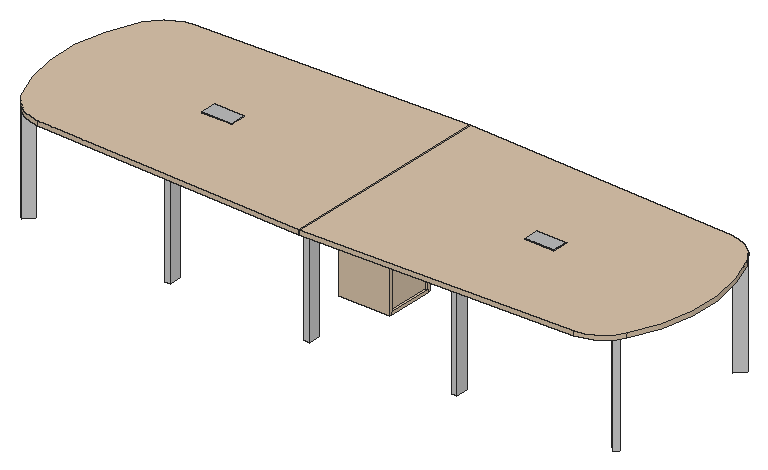
Revit family "Haworth_Planes_ConferenceTable_PebbleTwoPiece", category Furniture Systems, Revit 2018
Family settings
  Round Connector Dimension = Use Diameter
  Part Type = Normal
  OmniClass Number = 23.40.70.14.64.21
  OmniClass Title = Systems Furniture
  Work Plane-Based = No
  Always vertical = Yes
  Cut with Voids When Loaded = No
  Shared = No
  Room Calculation Point = No
Parameters (values of type "180w 60d")
  Worksurface Finish [instance] = Haworth _ Laminate _ Maple H-AE
  Worksurface Edge Finish [instance] = Haworth _ Laminate _ Maple H-AE
  Width = 180"
  Warranty = "http://www.haworth.com/resources/product-info/warranties"
  URL - Product = "http://www.haworth.com/products/tables/conference/planes"
  Sustainability Info = "http://media.haworth.com/asset/5175/Planes%20tables%20PEDS.pdf"
  Support Location_Middle = Actual Width / 4 - 5"  # 40"
  Support Location_Front_Back = 6 11/16"  # constant formula
  Opening Single Wide = no
  Opening Single = not(or(Opening Single Wide, Opening Double, Opening Double Wide))  # yes
  Opening Left/Right = not(Opening Center)  # no
  Opening Double Wide = no
  Opening Double = no
  Opening Center = yes
  No Cable Base = not(Cable Base)  # no
  Model = "TARP"  # constant formula
  Min. Depth = 42"  # constant formula
  Middle Leg_Interior = Actual Width > 144"  # yes
  Max. Depth = 60"  # constant formula
  URL = "www.haworth.com"
  Support Height = Actual Height - Table Thickness  # 27 13/16"
  Size = "Verify Final Dim. w/ Haworth"  # constant formula
  Revision Number = "3"  # constant formula
  Min/Max Width = "126-180 @ 6 in. increments"  # constant formula
  Standard Height = "29 in."  # constant formula
  Min. Width = 126"  # constant formula
  Max. Width = 180"  # constant formula
  Min. Height = 29"  # constant formula
  Max. Height = 29"  # constant formula
  Manufacturer = "Haworth"  # constant formula
  Support Location_Side = 8 1/16"  # constant formula
  Leg Finish [instance] = Haworth _ Metal _ Brushed Aluminum
  Half Width = Actual Width / 2  # 90"
  Fliptop Width = Cutout Width + 1/4"  # 8 1/4"
  Fliptop Side Vis. = and(Flip Top, [Opening Left/Right])  # no
  Fliptop Depth = Cutout Depth + 3/8"  # 4 3/8"
  Fliptop Center Vis. = and(Flip Top, Opening Center)  # yes
  Flip Top Finish = Haworth _ Paint _ Metallic Champagne
  Flip Top = yes
  Description = "Haworth Planes - Conference Table Pebble - Two-Piece"  # constant formula
  Depth = 60"
  Cutout Width = if(or(Opening Single Wide, Opening Double Wide), 11", 8")  # 8"
  Cutout Side Offset = Actual Width / 8  # 22 1/2"
  Cutout Depth = if(or(Opening Double, Opening Double Wide), 7 11/16", 4")  # 4"
  Cutout Center Offset = Actual Width / 4  # 45"
  Custom Size = not(and(or(Depth = 42", Depth = 48", Depth = 54", Depth = 60"), or(Width = 126", Width = 132", Width = 138", Width = 144", Width = 150", Width = 156", Width = 162", Width = 168", Width = 174", Width = 180")))  # no
  Cable Base Finish [instance] = Haworth _ Laminate _ Maple H-AE
  Cable Base = yes
  Author = "Haworth (Hampton, Alias)"  # constant formula
  Assembly Code = "E2020200"
  Actual Width = if(Width > Max. Width, Max. Width, if(Width < Min. Width, Min. Width, Width))  # 180"
  Actual Height = 29"  # constant formula
  Table Thickness = 1 3/16"  # constant formula
  Standard Depths = "42, 48, 54, 60 in."  # constant formula
  Actual Depth = if(Depth > Max. Depth, Max. Depth, if(Depth < Min. Depth, Min. Depth, Depth))  # 60"
Reference planes (in)
  plane 1 "Center F/B": y = -0.15866
  plane 2 "Floor": z = 0
  plane 3 "Center L/R": x = 0
  plane 4 "Table Edge Left": x = -90
  plane 5 "Table Edge Right": x = 90
  plane 6 "Table Edge Back": y = -30.15866
  plane 7 "Table Edge Front": y = 29.84134
  plane 8 "Table Bottom": z = 29
  plane 9 "Left Support Location": x = -81.9375
  plane 10 "Back Support Location": y = 23.15384
  plane 11 "Front Support Location": y = -23.47116
  plane 12 "Right Support Location": x = 81.9375
  plane 13 "Left Middle Support": x = -40
  plane 14 "Right Middle Support": x = 40
  plane 15 "Center Leg Front": y = -27.22116
  plane 16 "Center Leg Back": y = 26.90384
  plane 17 "Middle Leg Front": y = -25.72116
  plane 18 "Middle Leg Back": y = 25.40384
  plane 19 "Fliptop Left 2": x = -22.5
  plane 20 "Fliptop Center 1": x = -45
  plane 21 "Fliptop Left 1": x = -67.5
  plane 22 "Fliptop Right 2": x = 22.5
  plane 23 "Fliptop Center 2": x = 45
  plane 24 "Fliptop Right 1": x = 67.5
Dimensions and locks (in)
  "Actual Depth": plane 7 "Table Edge Front" to plane 6 "Table Edge Back"
  "Actual Width": plane 4 "Table Edge Left" to plane 5 "Table Edge Right"
  equal spacing: plane 4 "Table Edge Left", plane 3 "Center L/R", plane 5 "Table Edge Right"
  equal spacing: plane 7 "Table Edge Front", plane 1 "Center F/B", plane 6 "Table Edge Back"
  "Actual Height": plane 8 "Table Bottom" to level
  "Support Location_Side": plane 4 "Table Edge Left" to plane 9 "Left Support Location"
  "Support Location_Side": plane 12 "Right Support Location" to plane 5 "Table Edge Right"
  "Support Location_Front_Back": plane 7 "Table Edge Front" to plane 10 "Back Support Location"
  "Support Location_Front_Back": plane 11 "Front Support Location" to plane 6 "Table Edge Back"
  "Support Location_Middle": plane 13 "Left Middle Support" to plane 3 "Center L/R"
  "Support Location_Middle": plane 3 "Center L/R" to plane 14 "Right Middle Support"
  locked: plane 15 "Center Leg Front" to plane 6 "Table Edge Back" at 2.9375
  locked: plane 16 "Center Leg Back" to plane 7 "Table Edge Front" at 2.9375
  locked: plane 17 "Middle Leg Front" to plane 6 "Table Edge Back" at 4.4375
  locked: plane 18 "Middle Leg Back" to plane 7 "Table Edge Front" at 4.4375
  "Cutout Side Offset": plane 19 "Fliptop Left 2" to plane 3 "Center L/R"
  "Cutout Side Offset": plane 3 "Center L/R" to plane 22 "Fliptop Right 2"
  "Cutout Side Offset": plane 24 "Fliptop Right 1" to plane 5 "Table Edge Right"
  "Cutout Side Offset": plane 4 "Table Edge Left" to plane 21 "Fliptop Left 1"
  "Cutout Center Offset": plane 20 "Fliptop Center 1" to plane 3 "Center L/R"
  "Cutout Center Offset": plane 3 "Center L/R" to plane 23 "Fliptop Center 2"
  aligned and locked: plane 9 "Left Support Location" to nested 1
  aligned and locked: plane 12 "Right Support Location" to nested 4
  aligned and locked: plane 12 "Right Support Location" to nested 3
  aligned and locked: plane 3 "Center L/R" to nested 5
  aligned and locked: plane 3 "Center L/R" to nested 6
  aligned and locked: nested 9 to plane 14 "Right Middle Support"
  aligned and locked: nested 8 to plane 14 "Right Middle Support"
  aligned and locked: plane 13 "Left Middle Support" to nested 7
  aligned and locked: plane 13 "Left Middle Support" to nested 10
  aligned and locked: plane 3 "Center L/R" to nested 11
  aligned and locked: nested 10 to plane 17 "Middle Leg Front"
  aligned and locked: nested 7 to plane 18 "Middle Leg Back"
  aligned and locked: nested 8 to plane 18 "Middle Leg Back"
  aligned and locked: nested 9 to plane 17 "Middle Leg Front"
  aligned and locked: plane 15 "Center Leg Front" to nested 6
  aligned and locked: nested 5 to plane 16 "Center Leg Back"
  aligned and locked: plane 11 "Front Support Location" to nested 2
  aligned and locked: plane 9 "Left Support Location" to nested 2
  aligned and locked: plane 10 "Back Support Location" to nested 1
  aligned and locked: nested 3 to plane 10 "Back Support Location"
  aligned and locked: nested 4 to plane 11 "Front Support Location"
  aligned and locked: plane 2 "Floor" to nested 12
  aligned and locked: nested 2 to plane 2 "Floor"
  aligned and locked: plane 2 "Floor" to nested 1  (x3)
  aligned and locked: plane 2 "Floor" to nested 2  (x2)
  aligned and locked: plane 2 "Floor" to nested 10  (x2)
  aligned and locked: plane 2 "Floor" to nested 7  (x2)
  aligned and locked: plane 2 "Floor" to nested 5
  aligned and locked: nested 6 to plane 2 "Floor"
  aligned and locked: nested 11 to plane 2 "Floor"
  aligned and locked: plane 3 "Center L/R" to nested 12
  aligned and locked: plane 1 "Center F/B" to nested 12
  aligned and locked: plane 21 "Fliptop Left 1" to nested 16
  aligned and locked: plane 1 "Center F/B" to nested 16
  aligned and locked: plane 1 "Center F/B" to nested 15
  aligned and locked: plane 1 "Center F/B" to nested 14
  aligned and locked: plane 1 "Center F/B" to nested 17
  aligned and locked: plane 1 "Center F/B" to nested 13
  aligned and locked: plane 1 "Center F/B" to nested 18
  aligned and locked: plane 20 "Fliptop Center 1" to nested 18
  aligned and locked: plane 23 "Fliptop Center 2" to nested 17
  aligned and locked: plane 24 "Fliptop Right 1" to nested 13
  aligned and locked: plane 22 "Fliptop Right 2" to nested 14
  aligned and locked: plane 19 "Fliptop Left 2" to nested 15
  aligned and locked: plane 2 "Floor" to nested 9  (x2)
  aligned and locked: plane 2 "Floor" to nested 8  (x2)
  aligned and locked: plane 2 "Floor" to nested 4  (x3)
  aligned and locked: nested 3 to plane 2 "Floor"
  aligned and locked: plane 2 "Floor" to nested 3  (x2)
Nested families (in)
  nested 1: "Haworth_Worksurface-Support_Part-Leg" at (-73.4375, 42.76815, 0) x (-1, 0, 0) z (0, 0, 1), type "Support"
  nested 2: "Haworth_Worksurface-Support_Part-Leg" at (-90.4375, -0.60685, 0), type "Support"
  nested 3: "Haworth_Worksurface-Support_Part-Leg" at (90.4375, 0.28953, 0) x (-1, 0, 0) z (0, 0, 1), type "Support"
  nested 4: "Haworth_Worksurface-Support_Part-Leg" at (90.4375, -0.60685, 0) x (-1, 0, 0) z (0, 0, 1), type "Support"
  nested 5: "Haworth_Worksurface-Support_Part-Leg" at (8.5, 46.51815, 0) x (-1, 0, 0) z (0, 0, 1), type "Middle Support"
  nested 6: "Haworth_Worksurface-Support_Part-Leg" at (-8.5, -4.35685, 0), type "Middle Support"
  nested 7: "Haworth_Worksurface-Support_Part-Leg" at (-31.5, 45.01815, 0) x (-1, 0, 0) z (0, 0, 1), visible <- "Middle Leg_Interior", type "Middle Support"
  nested 8: "Haworth_Worksurface-Support_Part-Leg" at (48.5, 45.01815, 0) x (-1, 0, 0) z (0, 0, 1), visible <- "Middle Leg_Interior", type "Middle Support"
  nested 9: "Haworth_Worksurface-Support_Part-Leg" at (48.5, -2.85685, 0) x (-1, 0, 0) z (0, 0, 1), visible <- "Middle Leg_Interior", type "Middle Support"
  nested 10: "Haworth_Worksurface-Support_Part-Leg" at (-31.5, -2.85685, 0) x (-1, 0, 0) z (0, 0, 1), visible <- "Middle Leg_Interior", type "Middle Support"
  nested 11: "Haworth_Planes-Cable_Base" at (0, -3.78366, 0), visible <- "Cable Base", type "14" x 14""
  nested 12: "Haworth_Planes_Worksurface_Pebble_2Piece_PART" at (0, -15.15866, 0), type "Worksurface"
  nested 13: "Haworth_Worksurface_FlipTop_Unit_Part" at (66.92963, -0.21114, 29), built-in parameter 1001364 <- "Actual Height", visible <- "Fliptop Side Vis.", type "Flip Top"
  nested 14: "Haworth_Worksurface_FlipTop_Unit_Part" at (21.92963, -0.21114, 29), built-in parameter 1001364 <- "Actual Height", visible <- "Fliptop Side Vis.", type "Flip Top"
  nested 15: "Haworth_Worksurface_FlipTop_Unit_Part" at (-23.07037, -0.21114, 29), built-in parameter 1001364 <- "Actual Height", visible <- "Fliptop Side Vis.", type "Flip Top"
  nested 16: "Haworth_Worksurface_FlipTop_Unit_Part" at (-68.07037, -0.21114, 29), built-in parameter 1001364 <- "Actual Height", visible <- "Fliptop Side Vis.", type "Flip Top"
  nested 17: "Haworth_Worksurface_FlipTop_Unit_Part" at (44.42963, -0.21114, 29), built-in parameter 1001364 <- "Actual Height", visible <- "Fliptop Center Vis.", type "Flip Top"
  nested 18: "Haworth_Worksurface_FlipTop_Unit_Part" at (-45.57037, -0.21114, 29), built-in parameter 1001364 <- "Actual Height", visible <- "Fliptop Center Vis.", type "Flip Top"
Definition of nested family "Haworth_Worksurface-Support_Part-Leg"
  Parameters (values of type "Support")
    Top Thickness = 1 3/16"
    Support Post Standard = no
    Support Post 45 Degree = yes
    Support Height = Actual Height - Top Thickness  # 27 13/16"
    Model = "Worksurface"
    Worksurface Height = 29"
    Warranty = "www.haworth.com/en-us/Products/Pages/Certifications.aspx"
    URL - Product = "www.haworth.com/en-us/Products/Furniture/Systems/Desking-Systems/Pages/Compose.aspx"
    URL = "www.haworth.com"
    Sustainability Info = "www.haworth.com/en-us/About-Us/Sustainability/Pages/Vision.aspx"
    Support Finish = none
    Size = "Verify Final Dim. w/ Haworth"  # constant formula
    Revision Number = "1"  # constant formula
    Min/Max Height = "26-32 in."  # constant formula
    Min. Height = 20"  # constant formula
    Max. Height = 48"  # constant formula
    Manufacturer = "Haworth"  # constant formula
    LEED Data = "www.haworth.com/_layouts/Haworth.ProductCatalog/Handlers/GetAsset.ashx/ComposeLEEDContributions.pdf?cid=27&rid=1824&type=Leed"
    Description = "Worksurface Support"  # constant formula
    Author = "SHAPE Environments, LLC"  # constant formula
    Assembly Code = "E2020200"
    Actual Top Thickness = if(Top Thickness > 3", 3", if(Top Thickness < 1", 1", Top Thickness))  # 1 3/16"
    Actual Height = 29"
  Types (2): name | Support Post Standard | Support Post 45 Degree
    Support | no | yes
    Middle Support | yes | no
  Reference planes (in)
    plane 1: z = 0
    plane 2 "Center L/R": x = 8.5
    plane 3 "Support Top": z = 27.8125
    plane 4 "Center F/B": y = -21.23931
    plane 5: through (9.11872, -19.55993, 48) normal (0.7071, 0.7071, 0)
    plane 6: through (6.82062, -21.85803, 48) normal (0.7071, 0.7071, 0)
    plane 7: y = -22.86431
    plane 8: y = -19.61431
  Forms (in)
    Extrusion 1, solid, material <- "Support Finish", visible <- "Support Post Standard"
      sketch origin (0, 0, 0) x (1, 0, 0) y (0, 1, 0)
        loop
          line (7.75, -22.86431) -> (9.25, -22.86431) -> (9.25, -19.61431) -> (7.75, -19.61431) -> (7.75, -22.86431)
      from 0 to 27.8125
    Extrusion 2, solid, material <- "Support Finish", visible <- "Support Post 45 Degree"
      sketch origin (17.50805, -0.21044, 0) x (0.707107, -0.707107, 0) y (0.707107, 0.707107, 0)
        loop
          line (7.75, -22.86431) -> (9.25, -22.86431) -> (9.25, -19.61431) -> (7.75, -19.61431) -> (7.75, -22.86431)
      from 0 to 27.8125
  Lines and regions (in)
    symbolic lines, visible <- "Support Post Standard", detail levels fine
      curve 1: line (7.75, -19.61431, 0) -> (9.25, -19.61431, 0)
      curve 2: line (7.75, -22.86431, 0) -> (7.75, -19.61431, 0)
      curve 3: line (9.25, -22.86431, 0) -> (7.75, -22.86431, 0)
      curve 4: line (9.25, -19.61431, 0) -> (9.25, -22.86431, 0)
    symbolic lines, visible <- "Support Post 45 Degree", detail levels fine
      curve 5: line (6.82062, -21.85803, 0) -> (9.11872, -19.55993, 0)
      curve 6: line (9.11872, -19.55993, 0) -> (10.17938, -20.62059, 0)
      curve 7: line (10.17938, -20.62059, 0) -> (7.88128, -22.91869, 0)
      curve 8: line (7.88128, -22.91869, 0) -> (6.82062, -21.85803, 0)
  Dimensions and locks (in)
    "Support Height": plane 3 "Support Top" to level
    aligned and locked: plane 3 "Support Top" to Extrusion 1
    aligned and locked: plane 3 "Support Top" to Extrusion 2
  Automatic sketch dimensions
    Extrusion 1 sketch curve to plane 4 "Center F/B" = 1 5/8"
    plane 2 "Center L/R" to Extrusion 1 sketch curve = 3/4"
    Extrusion 1 sketch curve to plane 2 "Center L/R" = 3/4"
    plane 4 "Center F/B" to Extrusion 1 sketch curve = 1 5/8"
    plane 2 "Center L/R" to Extrusion 2 sketch curve = 0.61872"
    Extrusion 2 sketch curve to plane 4 "Center F/B" = 1.67938"
    Extrusion 2 sketch curve to Extrusion 2 sketch curve = 1 1/2"
    Extrusion 2 sketch curve to Extrusion 2 sketch curve = 3 1/4"
    plane 4 "Center F/B" to curve 5 = 0.61872"
    curve 2 to plane 2 "Center L/R" = 3/4"
    curve 2 to curve 7 = 0.13128"
    plane 2 "Center L/R" to curve 6 = 0.61872"
    curve 5 to curve 4 = 0.13128"
    curve 6 to plane 4 "Center F/B" = 0.61872"
    curve 1 to curve 6 = 0.92938"
    curve 7 to curve 2 = 0.05438"
    curve 1 to curve 5 = 0.05438"
Definition of nested family "Haworth_Planes-Cable_Base"
  Parameters
    Warranty = "www.haworth.com/en-us/Products/Pages/Certifications.aspx"
    URL - Product = "www.haworth.com/en-us/Products/Furniture/Tables/Conference-Ancillary/Pages/Planes.aspx"
    URL = "www.haworth.com"
    Sustainability Info = "www.haworth.com/en-us/About-Us/Sustainability/Pages/Vision.aspx"
    Size = "Verify Final Dim. w/ Haworth"  # constant formula
    Revision Number = "2"  # constant formula
    Model = "Haworth_Planes-Cable_Base"  # constant formula
    Min. Height = 28"  # constant formula
    Max. Height = 28"  # constant formula
    Manufacturer = "Haworth"  # constant formula
    LEED Data = "www.haworth.com/_layouts/Haworth.ProductCatalog/Handlers/GetAsset.ashx/PlanesLEEDContributions.pdf?cid=187&rid=1508&type=Leed"
    Description = "Haworth_Planes-Cable_Base"
    Base Finish = none
    Author = "SHAPE Environments, LLC"  # constant formula
    Assembly Code = "E2020200"
    Actual Width = 14"  # constant formula
    Actual Height = 28"  # constant formula
    Actual Depth = if([8 x 14], 8", 14")  # 14"
    8 x 14 = not([14 x 14])  # no
    14 x 14 = yes
  Reference planes (in)
    plane 1 "Center F/B": y = 3.625
    plane 2: z = 0
    plane 3 "Center L/R": x = 0
    plane 4 "Left": x = -7
    plane 5 "Right": x = 7
    plane 6 "Front": y = -3.375
    plane 7 "Top": z = 28
    plane 8 "Back": y = 10.625
    plane 9: y = 9.875
    plane 10: x = 6.25
    plane 11: x = -6.25
    plane 12: y = -2.625
    plane 13: z = 27.25
  Forms (in)
    Extrusion 1, solid, material <- "Base Finish"
      sketch origin (0, 0, 0) x (1, 0, 0) y (0, 1, 0)
        loop
          line (-7, 10.625) -> (-7, 9.875) -> (7, 9.875) -> (7, 10.625) -> (-7, 10.625)
        loop
          line (-7, -2.625) -> (-7, -3.375) -> (7, -3.375) -> (7, -2.625) -> (-7, -2.625)
      from 0 to 28
    Extrusion 2, solid, material <- "Base Finish"
      sketch origin (0, 0, 0) x (1, 0, 0) y (0, 1, 0)
        loop
          line (-6.25, 9.875) -> (-6.25, -2.625) -> (-5.5, -2.625) -> (-5.5, 9.875) -> (-6.25, 9.875)
        loop
          line (6.25, 9.875) -> (5.5, 9.875) -> (5.5, -2.625) -> (6.25, -2.625) -> (6.25, 9.875)
      from 0 to 27.25
    Extrusion 3, solid, material <- "Base Finish"
      sketch origin (0, 0, 0) x (1, 0, 0) y (0, 1, 0)
        loop
          line (-7, 9.875) -> (-7, -2.625) -> (7, -2.625) -> (7, 9.875) -> (-7, 9.875)
        loop
          line (-4, 7.625) -> (-4, -0.375) -> (4, -0.375) -> (4, 7.625) -> (-4, 7.625)
      from 0 to 0.75
  Cuts and joins
    joined: Extrusion 2, Extrusion 3
  Lines and regions (in)
    Masking region 1, detail levels fine
      outline origin (0, 0, 0) x (1, 0, 0) y (0, 1, 0)
        loop
          line (-7, 10.625) -> (-7, -3.375) -> (7, -3.375) -> (7, 10.625) -> (-7, 10.625)
        loop
          line (-4, 7.625) -> (-4, -0.375) -> (4, -0.375) -> (4, 7.625) -> (-4, 7.625)
  Dimensions and locks (in)
    equal spacing: plane 8 "Back", plane 1 "Center F/B", plane 6 "Front"
    "Actual Depth": plane 8 "Back" to plane 6 "Front"
    equal spacing: plane 4 "Left", plane 3 "Center L/R", plane 5 "Right"
    "Actual Width": plane 4 "Left" to plane 5 "Right"
    "Actual Height": plane 7 "Top" to level
    locked: plane 4 "Left" to plane 11 at 0.75
    locked: plane 10 to plane 5 "Right" at 0.75
    locked: plane 8 "Back" to plane 9 at 0.75
    locked: plane 12 to plane 6 "Front" at 0.75
    locked: plane 7 "Top" to plane 13 at 0.75
    Extrusion 2 sketch curve to plane 10 = 3/4"
    plane 11 to Extrusion 2 sketch curve = 3/4"
    Extrusion 3 sketch curve to plane 6 "Front" = 3"
    Extrusion 3 sketch curve to plane 8 "Back" = 3"
    plane 4 "Left" to Extrusion 3 sketch curve = 3"
    Extrusion 3 sketch curve to plane 5 "Right" = 3"
    aligned and locked: plane 4 "Left" to Extrusion 1 sketch curve  (x2)
    aligned and locked: Extrusion 1 sketch curve to plane 8 "Back"
    aligned and locked: plane 9 to Extrusion 1 sketch curve
    aligned and locked: plane 5 "Right" to Extrusion 1 sketch curve  (x2)
    aligned and locked: plane 6 "Front" to Extrusion 1 sketch curve
    aligned and locked: Extrusion 1 sketch curve to plane 12
    aligned and locked: plane 7 "Top" to Extrusion 1
    aligned and locked: plane 11 to Extrusion 2 sketch curve
    aligned and locked: Extrusion 2 sketch curve to plane 9
    aligned and locked: plane 12 to Extrusion 2 sketch curve  (x2)
    aligned and locked: plane 10 to Extrusion 2 sketch curve
    aligned and locked: plane 9 to Extrusion 2 sketch curve
    aligned and locked: plane 13 to Extrusion 2
    aligned and locked: Extrusion 1 to Extrusion 3 sketch curve
    aligned and locked: Extrusion 3 sketch curve to Extrusion 1
    aligned and locked: Masking region 1 sketch curve to Extrusion 3  (x5)
    aligned and locked: Masking region 1 sketch curve to Extrusion 1
    aligned and locked: Extrusion 1 to Masking region 1 sketch curve
    aligned and locked: Extrusion 3 to Masking region 1 sketch curve
    aligned and locked: plane 12 to Extrusion 3 sketch curve
    aligned and locked: Extrusion 3 sketch curve to plane 9
Definition of nested family "Haworth_Planes_Worksurface_Pebble_2Piece_PART"
  Parameters (values of type "Worksurface")
    Warranty = "https://www.haworth.com/resources/product-info/warranties"
    URL - Product = ""
    URL = "www.haworth.com"
    Thickness = 1 3/16"
    Table Finish = none
    Table Edge Finish = none
    Revision Number = ""
    Note = "Verify Final Dim. w/ Haworth"  # constant formula
    Manufacturer = "Haworth"  # constant formula
    Depth 60 = and(Actual Depth > 57", Actual Depth < 61")  # yes
    Depth 54 = and(Actual Depth > 51", Actual Depth < 58")  # no
    Depth 48 = and(Actual Depth > 45", Actual Depth < 52")  # no
    Depth 42 = and(Actual Depth > 41", Actual Depth < 46")  # no
    Cutout Width = 8"  # constant formula
    Cutout Dimension = 3"  # constant formula
    Cutout Depth = 4"  # constant formula
    Author = "Haworth (Alias)"  # constant formula
    Assembly Code = ""
    Actual Width = 180"
    Actual Height = 29"
    Actual Depth = 60"
  Reference planes (in)
    plane 1 "Center F/B": y = 15
    plane 2 "Bottom": z = 0
    plane 3 "Center L/R": x = 0
    plane 4 "Table Front": y = 45
    plane 5 "Table Right": x = 90
    plane 6 "Table Left": x = -90
    plane 7 "Table Back": y = -15
    plane 8 "Table Top": z = 29
    plane 9 "Table Bottom": z = 27.8125
    plane 10 "Cutout Top": z = 30
    plane 11 "Cutout Bottom": z = 27
    plane 12 "KnifeEdge Middle": z = 28.625
  Dimensions and locks (in)
    "Actual Depth": plane 7 "Table Back" to plane 4 "Table Front"
    "Actual Width": plane 6 "Table Left" to plane 5 "Table Right"
    equal spacing: plane 6 "Table Left", plane 3 "Center L/R", plane 5 "Table Right"
    equal spacing: plane 4 "Table Front", plane 1 "Center F/B", plane 7 "Table Back"
    "Thickness": plane 8 "Table Top" to plane 9 "Table Bottom"
    "Actual Height": plane 8 "Table Top" to level
    "Cutout Dimension": plane 10 "Cutout Top" to plane 11 "Cutout Bottom"
    plane 10 "Cutout Top" to plane 8 "Table Top" = 1"
    locked: plane 8 "Table Top" to plane 12 "KnifeEdge Middle" at 0.375
    aligned and locked: plane 3 "Center L/R" to nested 1
    aligned and locked: plane 3 "Center L/R" to nested 2
    aligned and locked: plane 3 "Center L/R" to nested 3
    aligned and locked: plane 1 "Center F/B" to nested 1
    aligned and locked: plane 1 "Center F/B" to nested 2
    aligned and locked: plane 1 "Center F/B" to nested 3
    aligned and locked: plane 1 "Center F/B" to nested 4
    aligned and locked: plane 3 "Center L/R" to nested 4
  Nested families (in)
    nested 1: "Haworth_Planes_Worksurface_Pebble48_TwoPiece_Part" at (0, 0, 0), visible <- "Depth 48", type "Worksurface"
    nested 2: "Haworth_Planes_Worksurface_Pebble54_TwoPiece_Part" at (0, 0, 0), visible <- "Depth 54", type "Worksurface"
    nested 3: "Haworth_Planes_Worksurface_Pebble60_TwoPiece_Part" at (0, 0, 0), visible <- "Depth 60", type "Worksurface"
    nested 4: "Haworth_Planes_Worksurface_Pebble42_TwoPiece_Part" at (0, 0, 0), visible <- "Depth 42", type "Worksurface"
      with Actual Height 29"
  Definition of nested family "Haworth_Planes_Worksurface_Pebble48_TwoPiece_Part"
    Parameters (values of type "Worksurface")
      Width = 180"
      Warranty = "https://www.haworth.com/resources/product-info/warranties"
      URL - Product = ""
      URL = "www.haworth.com"
      Thickness = 1 3/16"
      Table Finish = none
      Table Edge Finish = none
      Revision Number = ""
      Note = "Verify Final Dim. w/ Haworth"  # constant formula
      Min. Width = 126"  # constant formula
      Min. Depth = 48"  # constant formula
      Max. Width = 180"  # constant formula
      Max. Depth = 48"  # constant formula
      Manufacturer = "Haworth"  # constant formula
      Depth = 48"  # constant formula
      Cutout Width = 8"  # constant formula
      Cutout Dimension = 3"  # constant formula
      Cutout Depth = 4"  # constant formula
      Center Cutout Offset = Actual Width / 4  # 45"
      Author = "Haworth (Alias)"  # constant formula
      Assembly Code = ""
      Actual Width = if(Width < Min. Width, Min. Width, if(Width > Max. Width, Max. Width, Width))  # 180"
      Actual Height = 29"
      Actual Depth = if(Depth > Max. Depth, Max. Depth, if(Depth < Min. Depth, Min. Depth, Depth))  # 48"
      180w = and(177" < Actual Width, Actual Width < 181")  # yes
      174w = and(171" < Actual Width, Actual Width < 178")  # no
      168w = and(165" < Actual Width, Actual Width < 172")  # no
      162w = and(159" < Actual Width, Actual Width < 166")  # no
      156w = and(153" < Actual Width, Actual Width < 160")  # no
      150w = and(147" < Actual Width, Actual Width < 154")  # no
      144w = and(141" < Actual Width, Actual Width < 148")  # no
      138w = and(135" < Actual Width, Actual Width < 142")  # no
      132w = and(129" < Actual Width, Actual Width < 136")  # no
      126w = and(125" < Actual Width, Actual Width < 130")  # no
    Reference planes (in)
      plane 1 "Center F/B": y = 15
      plane 2 "Bottom": z = 0
      plane 3 "Center L/R": x = 0
      plane 4 "Table Top": z = 29
      plane 5 "Table Bottom": z = 27.8125
      plane 6 "Cutout Top": z = 30
      plane 7 "Cutout Bottom": z = 27
      plane 8 "KnifeEdge Middle": z = 28.625
    Forms (in)
      Extrusion 1, solid, material <- "Table Finish", visible <- "126w"
        sketch origin (-452.69651, 365.79796, 0) x (1, 0, 0) y (0, 1, 0)
          loop
            arc (391.87396, -338.00264) -> (390.01651, -350.79796) -> (391.87396, -363.59328) r 45
            arc (391.87396, -363.59328) -> (395.71903, -369.41863) -> (402.15556, -372.1187) r 12
            arc (402.15556, -372.1187) -> (427.39309, -374.03925) -> (452.69651, -374.63796) r 484.04158
            line (452.69651, -374.63796) -> (452.69651, -326.95796)
            arc (452.69651, -326.95796) -> (427.39309, -327.55667) -> (402.15556, -329.47722) r 484.04158
            arc (402.15556, -329.47722) -> (395.71903, -332.17728) -> (391.87396, -338.00264) r 12
        from 27.8125 to 29
      Extrusion 2, solid, material <- "Table Finish", visible <- "132w"
        sketch origin (-452.53557, 311.99122, 0) x (1, 0, 0) y (0, 1, 0)
          loop
            arc (452.53557, -273.15122) -> (425.76758, -273.7445) -> (399.06185, -275.66297) r 540.36854
            arc (399.06185, -275.66297) -> (392.58439, -278.34816) -> (388.71335, -284.19476) r 12
            arc (388.71335, -284.19476) -> (386.85557, -296.99122) -> (388.71335, -309.78768) r 45
            arc (388.71335, -309.78768) -> (392.58439, -315.63428) -> (399.06185, -318.31947) r 12
            arc (399.06185, -318.31947) -> (425.76758, -320.23794) -> (452.53557, -320.83122) r 540.36854
            line (452.53557, -320.83122) -> (452.53557, -273.15122)
        from 27.8125 to 29
      Extrusion 3, solid, material <- "Table Finish", visible <- "138w"
        sketch origin (-451.3944, 258.39309, 0) x (1, 0, 0) y (0, 1, 0)
          loop
            arc (451.3944, -219.55309) -> (423.16053, -220.14667) -> (394.98521, -222.05826) r 604.4883
            arc (394.98521, -222.05826) -> (388.46843, -224.72891) -> (384.5724, -230.59591) r 12
            arc (384.5724, -230.59591) -> (382.7144, -243.39309) -> (384.5724, -256.19027) r 45
            arc (384.5724, -256.19027) -> (388.46843, -262.05727) -> (394.98521, -264.72792) r 12
            arc (394.98521, -264.72792) -> (423.16053, -266.63951) -> (451.3944, -267.23309) r 604.4883
            line (451.3944, -267.23309) -> (451.3944, -219.55309)
        from 27.8125 to 29
      Extrusion 4, solid, material <- "Table Finish", visible <- "144w"
        sketch origin (-450.74682, 206.61626, 0) x (1, 0, 0) y (0, 1, 0)
          loop
            arc (450.74682, -167.77626) -> (421.04332, -168.37022) -> (391.39508, -170.27618) r 672.15743
            arc (391.39508, -170.27618) -> (384.84322, -172.93367) -> (380.92487, -178.81889) r 12
            arc (380.92487, -178.81889) -> (379.06682, -191.61626) -> (380.92487, -204.41362) r 45
            arc (380.92487, -204.41362) -> (384.84322, -210.29884) -> (391.39508, -212.95633) r 12
            arc (391.39508, -212.95633) -> (421.04332, -214.86229) -> (450.74682, -215.45626) r 672.15743
            line (450.74682, -215.45626) -> (450.74682, -167.77626)
        from 27.8125 to 29
      Extrusion 5, solid, material <- "Table Finish", visible <- "150w"
        sketch origin (-451.36348, 152.38065, 0) x (1, 0, 0) y (0, 1, 0)
          loop
            arc (451.36348, -113.54065) -> (420.18725, -114.13515) -> (389.06336, -116.03633) r 743.51463
            arc (389.06336, -116.03633) -> (382.47993, -118.68183) -> (378.54148, -124.58344) r 12
            arc (378.54148, -124.58344) -> (376.68348, -137.38065) -> (378.54148, -150.17785) r 45
            arc (378.54148, -150.17785) -> (382.47993, -156.07946) -> (389.06336, -158.72496) r 12
            arc (389.06336, -158.72496) -> (420.18725, -160.62614) -> (451.36348, -161.22065) r 743.51463
            line (451.36348, -161.22065) -> (451.36348, -113.54065)
        from 27.8125 to 29
      Extrusion 6, solid, material <- "Table Finish", visible <- "156w"
        sketch origin (-450.71268, 100.99538, 0) x (1, 0, 0) y (0, 1, 0)
          loop
            arc (450.71268, -62.15538) -> (418.06101, -62.75038) -> (385.45908, -64.64763) r 818.36747
            arc (385.45908, -64.64763) -> (378.84715, -67.28218) -> (374.89056, -73.19859) r 12
            arc (374.89056, -73.19859) -> (373.03268, -85.99538) -> (374.89056, -98.79216) r 45
            arc (374.89056, -98.79216) -> (378.84715, -104.70857) -> (385.45908, -107.34312) r 12
            arc (385.45908, -107.34312) -> (418.06101, -109.24037) -> (450.71268, -109.83538) r 818.36747
            line (450.71268, -109.83538) -> (450.71268, -62.15538)
        from 27.8125 to 29
      Extrusion 7, solid, material <- "Table Finish", visible <- "162w"
        sketch origin (-450.06188, 48.95992, 0) x (1, 0, 0) y (0, 1, 0)
          loop
            arc (450.06188, -10.11992) -> (415.93258, -10.71566) -> (381.85065, -12.60935) r 897.10737
            arc (381.85065, -12.60935) -> (375.21274, -15.23381) -> (371.23959, -21.16371) r 12
            arc (371.23959, -21.16371) -> (369.38188, -33.95992) -> (371.23959, -46.75612) r 45
            arc (371.23959, -46.75612) -> (375.21274, -52.68602) -> (381.85065, -55.31048) r 12
            arc (381.85065, -55.31048) -> (415.93258, -57.20417) -> (450.06188, -57.79992) r 897.10737
            line (450.06188, -57.79992) -> (450.06188, -10.11992)
        from 27.8125 to 29
      Extrusion 8, solid, material <- "Table Finish", visible <- "168w"
        sketch origin (-450.06188, -2.4251, 0) x (1, 0, 0) y (0, 1, 0)
          loop
            arc (450.06188, 41.2651) -> (414.45297, 40.66855) -> (378.88929, 38.77797) r 979.56619
            arc (378.88929, 38.77797) -> (372.22765, 36.16281) -> (368.23937, 30.22058) r 12
            arc (368.23937, 30.22058) -> (366.38188, 17.4251) -> (368.23937, 4.62962) r 45
            arc (368.23937, 4.62962) -> (372.22765, -1.31261) -> (378.88929, -3.92777) r 12
            arc (378.88929, -3.92777) -> (414.45297, -5.81834) -> (450.06188, -6.4149) r 979.56619
            line (450.06188, -6.4149) -> (450.06188, 41.2651)
        from 27.8125 to 29
      Extrusion 9, solid, material <- "Table Finish", visible <- "174w"
        sketch origin (-449.9066, -53.91219, 0) x (1, 0, 0) y (0, 1, 0)
          loop
            arc (449.9066, 92.75219) -> (412.81637, 92.15477) -> (375.7694, 90.26693) r 1065.75596
            arc (375.7694, 90.26693) -> (369.08601, 87.66036) -> (365.08384, 81.70682) r 12
            arc (365.08384, 81.70682) -> (363.2266, 68.91219) -> (365.08384, 56.11756) r 45
            arc (365.08384, 56.11756) -> (369.08601, 50.16402) -> (375.7694, 47.55745) r 12
            arc (375.7694, 47.55745) -> (412.81637, 45.66961) -> (449.9066, 45.07219) r 1065.75596
            line (449.9066, 45.07219) -> (449.9066, 92.75219)
        from 27.8125 to 29
      Extrusion 10, solid, material <- "Table Finish", visible <- "180w"
        sketch origin (-449.30657, -104.52517, 0) x (1, 0, 0) y (0, 1, 0)
          loop
            arc (449.30657, 143.36517) -> (410.73319, 142.76781) -> (372.20134, 140.88145) r 1153.98663
            arc (372.20134, 140.88145) -> (365.49829, 138.28272) -> (361.48356, 132.31896) r 12
            arc (361.48356, 132.31896) -> (359.62657, 119.52517) -> (361.48356, 106.73137) r 45
            arc (361.48356, 106.73137) -> (365.49829, 100.76762) -> (372.20134, 98.16888) r 12
            arc (372.20134, 98.16888) -> (410.73319, 96.28252) -> (449.30657, 95.68517) r 1153.98663
            line (449.30657, 95.68517) -> (449.30657, 143.36517)
        from 27.8125 to 29
      Extrusion 11, solid, material <- "Table Finish", visible <- "126w"
        sketch origin (452.69651, 365.79796, 0) x (-1, 0, 0) y (0, -1, 0)
          loop
            arc (391.87396, 338.00264) -> (395.71903, 332.17728) -> (402.15556, 329.47722) r 12
            arc (402.15556, 329.47722) -> (427.39309, 327.55667) -> (452.69651, 326.95796) r 484.04158
            line (452.69651, 326.95796) -> (452.69651, 374.63796)
            arc (452.69651, 374.63796) -> (427.39309, 374.03925) -> (402.15556, 372.1187) r 484.04158
            arc (402.15556, 372.1187) -> (395.71903, 369.41863) -> (391.87396, 363.59328) r 12
            arc (391.87396, 363.59328) -> (390.01651, 350.79796) -> (391.87396, 338.00264) r 45
        from 27.8125 to 29
      Extrusion 12, solid, material <- "Table Finish", visible <- "132w"
        sketch origin (452.53557, 311.99122, 0) x (-1, 0, 0) y (0, -1, 0)
          loop
            line (452.53557, 273.15122) -> (452.53557, 320.83122)
            arc (452.53557, 320.83122) -> (425.76758, 320.23794) -> (399.06185, 318.31947) r 540.36854
            arc (399.06185, 318.31947) -> (392.58439, 315.63428) -> (388.71335, 309.78768) r 12
            arc (388.71335, 309.78768) -> (386.85557, 296.99122) -> (388.71335, 284.19476) r 45
            arc (388.71335, 284.19476) -> (392.58439, 278.34816) -> (399.06185, 275.66297) r 12
            arc (399.06185, 275.66297) -> (425.76758, 273.7445) -> (452.53557, 273.15122) r 540.36854
        from 27.8125 to 29
      Extrusion 13, solid, material <- "Table Finish", visible <- "138w"
        sketch origin (451.3944, 258.39309, 0) x (-1, 0, 0) y (0, -1, 0)
          loop
            line (451.3944, 219.55309) -> (451.3944, 267.23309)
            arc (451.3944, 267.23309) -> (423.16053, 266.63951) -> (394.98521, 264.72792) r 604.4883
            arc (394.98521, 264.72792) -> (388.46843, 262.05727) -> (384.5724, 256.19027) r 12
            arc (384.5724, 256.19027) -> (382.7144, 243.39309) -> (384.5724, 230.59591) r 45
            arc (384.5724, 230.59591) -> (388.46843, 224.72891) -> (394.98521, 222.05826) r 12
            arc (394.98521, 222.05826) -> (423.16053, 220.14667) -> (451.3944, 219.55309) r 604.4883
        from 27.8125 to 29
      Extrusion 14, solid, material <- "Table Finish", visible <- "144w"
        sketch origin (450.74682, 206.61626, 0) x (-1, 0, 0) y (0, -1, 0)
          loop
            line (450.74682, 167.77626) -> (450.74682, 215.45626)
            arc (450.74682, 215.45626) -> (421.04332, 214.86229) -> (391.39508, 212.95633) r 672.15743
            arc (391.39508, 212.95633) -> (384.84322, 210.29884) -> (380.92487, 204.41362) r 12
            arc (380.92487, 204.41362) -> (379.06682, 191.61626) -> (380.92487, 178.81889) r 45
            arc (380.92487, 178.81889) -> (384.84322, 172.93367) -> (391.39508, 170.27618) r 12
            arc (391.39508, 170.27618) -> (421.04332, 168.37022) -> (450.74682, 167.77626) r 672.15743
        from 27.8125 to 29
      Extrusion 15, solid, material <- "Table Finish", visible <- "150w"
        sketch origin (451.36348, 152.38065, 0) x (-1, 0, 0) y (0, -1, 0)
          loop
            line (451.36348, 113.54065) -> (451.36348, 161.22065)
            arc (451.36348, 161.22065) -> (420.18725, 160.62614) -> (389.06336, 158.72496) r 743.51463
            arc (389.06336, 158.72496) -> (382.47993, 156.07946) -> (378.54148, 150.17785) r 12
            arc (378.54148, 150.17785) -> (376.68348, 137.38065) -> (378.54148, 124.58344) r 45
            arc (378.54148, 124.58344) -> (382.47993, 118.68183) -> (389.06336, 116.03633) r 12
            arc (389.06336, 116.03633) -> (420.18725, 114.13515) -> (451.36348, 113.54065) r 743.51463
        from 27.8125 to 29
      Extrusion 16, solid, material <- "Table Finish", visible <- "156w"
        sketch origin (450.71268, 100.99538, 0) x (-1, 0, 0) y (0, -1, 0)
          loop
            line (450.71268, 62.15538) -> (450.71268, 109.83538)
            arc (450.71268, 109.83538) -> (418.06101, 109.24037) -> (385.45908, 107.34312) r 818.36747
            arc (385.45908, 107.34312) -> (378.84715, 104.70857) -> (374.89056, 98.79216) r 12
            arc (374.89056, 98.79216) -> (373.03268, 85.99538) -> (374.89056, 73.19859) r 45
            arc (374.89056, 73.19859) -> (378.84715, 67.28218) -> (385.45908, 64.64763) r 12
            arc (385.45908, 64.64763) -> (418.06101, 62.75038) -> (450.71268, 62.15538) r 818.36747
        from 27.8125 to 29
      Extrusion 17, solid, material <- "Table Finish", visible <- "162w"
        sketch origin (450.06188, 48.95992, 0) x (-1, 0, 0) y (0, -1, 0)
          loop
            line (450.06188, 10.11992) -> (450.06188, 57.79992)
            arc (450.06188, 57.79992) -> (415.93258, 57.20417) -> (381.85065, 55.31048) r 897.10737
            arc (381.85065, 55.31048) -> (375.21274, 52.68602) -> (371.23959, 46.75612) r 12
            arc (371.23959, 46.75612) -> (369.38188, 33.95992) -> (371.23959, 21.16371) r 45
            arc (371.23959, 21.16371) -> (375.21274, 15.23381) -> (381.85065, 12.60935) r 12
            arc (381.85065, 12.60935) -> (415.93258, 10.71566) -> (450.06188, 10.11992) r 897.10737
        from 27.8125 to 29
      Extrusion 18, solid, material <- "Table Finish", visible <- "168w"
        sketch origin (450.06188, -2.4251, 0) x (-1, 0, 0) y (0, -1, 0)
          loop
            line (450.06188, -41.2651) -> (450.06188, 6.4149)
            arc (450.06188, 6.4149) -> (414.45297, 5.81834) -> (378.88929, 3.92777) r 979.56619
            arc (378.88929, 3.92777) -> (372.22765, 1.31261) -> (368.23937, -4.62962) r 12
            arc (368.23937, -4.62962) -> (366.38188, -17.4251) -> (368.23937, -30.22058) r 45
            arc (368.23937, -30.22058) -> (372.22765, -36.16281) -> (378.88929, -38.77797) r 12
            arc (378.88929, -38.77797) -> (414.45297, -40.66855) -> (450.06188, -41.2651) r 979.56619
        from 27.8125 to 29
      Extrusion 19, solid, material <- "Table Finish", visible <- "174w"
        sketch origin (449.9066, -53.91219, 0) x (-1, 0, 0) y (0, -1, 0)
          loop
            line (449.9066, -92.75219) -> (449.9066, -45.07219)
            arc (449.9066, -45.07219) -> (412.81637, -45.66961) -> (375.7694, -47.55745) r 1065.75596
            arc (375.7694, -47.55745) -> (369.08601, -50.16402) -> (365.08384, -56.11756) r 12
            arc (365.08384, -56.11756) -> (363.2266, -68.91219) -> (365.08384, -81.70682) r 45
            arc (365.08384, -81.70682) -> (369.08601, -87.66036) -> (375.7694, -90.26693) r 12
            arc (375.7694, -90.26693) -> (412.81637, -92.15477) -> (449.9066, -92.75219) r 1065.75596
        from 27.8125 to 29
      Extrusion 20, solid, material <- "Table Finish", visible <- "180w"
        sketch origin (449.30657, -104.52517, 0) x (-1, 0, 0) y (0, -1, 0)
          loop
            line (449.30657, -143.36517) -> (449.30657, -95.68517)
            arc (449.30657, -95.68517) -> (410.73319, -96.28252) -> (372.20134, -98.16888) r 1153.98663
            arc (372.20134, -98.16888) -> (365.49829, -100.76762) -> (361.48356, -106.73137) r 12
            arc (361.48356, -106.73137) -> (359.62657, -119.52517) -> (361.48356, -132.31896) r 45
            arc (361.48356, -132.31896) -> (365.49829, -138.28272) -> (372.20134, -140.88145) r 12
            arc (372.20134, -140.88145) -> (410.73319, -142.76781) -> (449.30657, -143.36517) r 1153.98663
        from 27.8125 to 29
    Lines and regions (in)
      Masking region 1, visible <- "126w"
        outline origin (0, 0, 0) x (1, 0, 0) y (0, 1, 0)
          loop
            arc (-60.82255, 27.79532) -> (-62.68, 15) -> (-60.82255, 2.20468) r 45
            arc (-60.82255, 2.20468) -> (-56.97748, -3.62067) -> (-50.54095, -6.32074) r 12
            arc (-50.54095, -6.32074) -> (-25.30342, -8.24129) -> (0, -8.84) r 484.04158
            line (0, -8.84) -> (0, 38.84)
            arc (0, 38.84) -> (-25.30342, 38.24129) -> (-50.54095, 36.32074) r 484.04158
            arc (-50.54095, 36.32074) -> (-56.97748, 33.62067) -> (-60.82255, 27.79532) r 12
      Masking region 2, visible <- "132w"
        outline origin (0, 0, 0) x (1, 0, 0) y (0, 1, 0)
          loop
            arc (-63.82222, 27.79646) -> (-65.68, 15) -> (-63.82222, 2.20354) r 45
            arc (-63.82222, 2.20354) -> (-59.95118, -3.64306) -> (-53.47372, -6.32825) r 12
            arc (-53.47372, -6.32825) -> (-26.76798, -8.24672) -> (0, -8.84) r 540.36854
            line (0, -8.84) -> (0, 38.84)
            arc (0, 38.84) -> (-26.76798, 38.24672) -> (-53.47372, 36.32825) r 540.36854
            arc (-53.47372, 36.32825) -> (-59.95118, 33.64306) -> (-63.82222, 27.79646) r 12
      Masking region 3, visible <- "138w"
        outline origin (0, 0, 0) x (1, 0, 0) y (0, 1, 0)
          loop
            arc (-66.822, 27.79718) -> (-68.68, 15) -> (-66.822, 2.20282) r 45
            arc (-66.822, 2.20282) -> (-62.92597, -3.66418) -> (-56.40919, -6.33483) r 12
            arc (-56.40919, -6.33483) -> (-28.23386, -8.24642) -> (0, -8.84) r 604.4883
            line (0, -8.84) -> (0, 38.84)
            arc (0, 38.84) -> (-28.23386, 38.24642) -> (-56.40919, 36.33483) r 604.4883
            arc (-56.40919, 36.33483) -> (-62.92597, 33.66418) -> (-66.822, 27.79718) r 12
      Masking region 4, visible <- "144w"
        outline origin (0, 0, 0) x (1, 0, 0) y (0, 1, 0)
          loop
            arc (-69.82195, 27.79736) -> (-71.68, 15) -> (-69.82195, 2.20264) r 45
            arc (-69.82195, 2.20264) -> (-65.9036, -3.68258) -> (-59.35173, -6.34008) r 12
            arc (-59.35173, -6.34008) -> (-29.7035, -8.24604) -> (0, -8.84) r 672.15743
            line (0, -8.84) -> (0, 38.84)
            arc (0, 38.84) -> (-29.7035, 38.24604) -> (-59.35173, 36.34008) r 672.15743
            arc (-59.35173, 36.34008) -> (-65.9036, 33.68258) -> (-69.82195, 27.79736) r 12
      Masking region 5, visible <- "150w"
        outline origin (0, 0, 0) x (1, 0, 0) y (0, 1, 0)
          loop
            arc (-72.82199, 27.7972) -> (-74.68, 15) -> (-72.82199, 2.2028) r 45
            arc (-72.82199, 2.2028) -> (-68.88355, -3.69882) -> (-62.30011, -6.34432) r 12
            arc (-62.30011, -6.34432) -> (-31.17623, -8.24549) -> (0, -8.84) r 743.51463
            line (0, -8.84) -> (0, 38.84)
            arc (0, 38.84) -> (-31.17623, 38.24549) -> (-62.30011, 36.34432) r 743.51463
            arc (-62.30011, 36.34432) -> (-68.88355, 33.69882) -> (-72.82199, 27.7972) r 12
      Masking region 6, visible <- "156w"
        outline origin (0, 0, 0) x (1, 0, 0) y (0, 1, 0)
          loop
            arc (-75.82212, 27.79679) -> (-77.68, 15) -> (-75.82212, 2.20321) r 45
            arc (-75.82212, 2.20321) -> (-71.86553, -3.71319) -> (-65.25359, -6.34775) r 12
            arc (-65.25359, -6.34775) -> (-32.65166, -8.24499) -> (0, -8.84) r 818.36747
            line (0, -8.84) -> (0, 38.84)
            arc (0, 38.84) -> (-32.65166, 38.24499) -> (-65.25359, 36.34775) r 818.36747
            arc (-65.25359, 36.34775) -> (-71.86553, 33.71319) -> (-75.82212, 27.79679) r 12
      Masking region 7, visible <- "162w"
        outline origin (0, 0, 0) x (1, 0, 0) y (0, 1, 0)
          loop
            arc (-78.82229, 27.7962) -> (-80.68, 15) -> (-78.82229, 2.2038) r 45
            arc (-78.82229, 2.2038) -> (-74.84914, -3.7261) -> (-68.21123, -6.35057) r 12
            arc (-68.21123, -6.35057) -> (-34.1293, -8.24425) -> (0, -8.84) r 897.10737
            line (0, -8.84) -> (0, 38.84)
            arc (0, 38.84) -> (-34.1293, 38.24425) -> (-68.21123, 36.35057) r 897.10737
            arc (-68.21123, 36.35057) -> (-74.84914, 33.7261) -> (-78.82229, 27.7962) r 12
      Masking region 8, visible <- "168w"
        outline origin (0, 0, 0) x (1, 0, 0) y (0, 1, 0)
          loop
            arc (-81.8225, 27.79548) -> (-83.68, 15) -> (-81.8225, 2.20452) r 45
            arc (-81.8225, 2.20452) -> (-77.83422, -3.73771) -> (-71.17259, -6.35287) r 12
            arc (-71.17259, -6.35287) -> (-35.6089, -8.24345) -> (0, -8.84) r 979.56619
            line (0, -8.84) -> (0, 38.84)
            arc (0, 38.84) -> (-35.6089, 38.24345) -> (-71.17259, 36.35287) r 979.56619
            arc (-71.17259, 36.35287) -> (-77.83422, 33.73771) -> (-81.8225, 27.79548) r 12
      Masking region 9, visible <- "174w"
        outline origin (0, 0, 0) x (1, 0, 0) y (0, 1, 0)
          loop
            arc (-84.82276, 27.79463) -> (-86.68, 15) -> (-84.82276, 2.20537) r 45
            arc (-84.82276, 2.20537) -> (-80.82059, -3.74817) -> (-74.1372, -6.35474) r 12
            arc (-74.1372, -6.35474) -> (-37.09023, -8.24258) -> (0, -8.84) r 1065.75596
            line (0, -8.84) -> (0, 38.84)
            arc (0, 38.84) -> (-37.09023, 38.24258) -> (-74.1372, 36.35474) r 1065.75596
            arc (-74.1372, 36.35474) -> (-80.82059, 33.74817) -> (-84.82276, 27.79463) r 12
      Masking region 10, visible <- "180w"
        outline origin (0, 0, 0) x (1, 0, 0) y (0, 1, 0)
          loop
            arc (-87.823, 27.7938) -> (-89.68, 15) -> (-87.823, 2.2062) r 45
            arc (-87.823, 2.2062) -> (-83.80828, -3.75755) -> (-77.10523, -6.35628) r 12
            arc (-77.10523, -6.35628) -> (-38.57338, -8.24264) -> (0, -8.84) r 1153.98663
            line (0, -8.84) -> (0, 38.84)
            arc (0, 38.84) -> (-38.57338, 38.24264) -> (-77.10523, 36.35628) r 1153.98663
            arc (-77.10523, 36.35628) -> (-83.80828, 33.75755) -> (-87.823, 27.7938) r 12
      Masking region 11, visible <- "126w"
        outline origin (0, 0, 0) x (0, 1, 0) y (-1, 0, 0)
          loop
            arc (27.79532, -60.82255) -> (33.62067, -56.97748) -> (36.32074, -50.54095) r 12
            arc (36.32074, -50.54095) -> (38.24129, -25.30342) -> (38.84, 0) r 484.04158
            line (38.84, 0) -> (-8.84, 0)
            arc (-8.84, 0) -> (-8.24129, -25.30342) -> (-6.32074, -50.54095) r 484.04158
            arc (-6.32074, -50.54095) -> (-3.62067, -56.97748) -> (2.20468, -60.82255) r 12
            arc (2.20468, -60.82255) -> (15, -62.68) -> (27.79532, -60.82255) r 45
      Masking region 12, visible <- "132w"
        outline origin (0, 0, 0) x (0, 1, 0) y (-1, 0, 0)
          loop
            arc (27.79646, -63.82222) -> (33.64306, -59.95118) -> (36.32825, -53.47372) r 12
            arc (36.32825, -53.47372) -> (38.24672, -26.76798) -> (38.84, 0) r 540.36854
            line (38.84, 0) -> (-8.84, 0)
            arc (-8.84, 0) -> (-8.24672, -26.76798) -> (-6.32825, -53.47372) r 540.36854
            arc (-6.32825, -53.47372) -> (-3.64306, -59.95118) -> (2.20354, -63.82222) r 12
            arc (2.20354, -63.82222) -> (15, -65.68) -> (27.79646, -63.82222) r 45
      Masking region 13, visible <- "138w"
        outline origin (0, 0, 0) x (0, 1, 0) y (-1, 0, 0)
          loop
            arc (27.79718, -66.822) -> (33.66418, -62.92597) -> (36.33483, -56.40919) r 12
            arc (36.33483, -56.40919) -> (38.24642, -28.23386) -> (38.84, 0) r 604.4883
            line (38.84, 0) -> (-8.84, 0)
            arc (-8.84, 0) -> (-8.24642, -28.23386) -> (-6.33483, -56.40919) r 604.4883
            arc (-6.33483, -56.40919) -> (-3.66418, -62.92597) -> (2.20282, -66.822) r 12
            arc (2.20282, -66.822) -> (15, -68.68) -> (27.79718, -66.822) r 45
      Masking region 14, visible <- "144w"
        outline origin (0, 0, 0) x (0, 1, 0) y (-1, 0, 0)
          loop
            arc (27.79736, -69.82195) -> (33.68258, -65.9036) -> (36.34008, -59.35173) r 12
            arc (36.34008, -59.35173) -> (38.24604, -29.7035) -> (38.84, 0) r 672.15743
            line (38.84, 0) -> (-8.84, 0)
            arc (-8.84, 0) -> (-8.24604, -29.7035) -> (-6.34008, -59.35173) r 672.15743
            arc (-6.34008, -59.35173) -> (-3.68258, -65.9036) -> (2.20264, -69.82195) r 12
            arc (2.20264, -69.82195) -> (15, -71.68) -> (27.79736, -69.82195) r 45
      Masking region 15, visible <- "150w"
        outline origin (0, 0, 0) x (0, 1, 0) y (-1, 0, 0)
          loop
            arc (27.7972, -72.82199) -> (33.69882, -68.88355) -> (36.34432, -62.30011) r 12
            arc (36.34432, -62.30011) -> (38.24549, -31.17623) -> (38.84, 0) r 743.51463
            line (38.84, 0) -> (-8.84, 0)
            arc (-8.84, 0) -> (-8.24549, -31.17623) -> (-6.34432, -62.30011) r 743.51463
            arc (-6.34432, -62.30011) -> (-3.69882, -68.88355) -> (2.2028, -72.82199) r 12
            arc (2.2028, -72.82199) -> (15, -74.68) -> (27.7972, -72.82199) r 45
      Masking region 16, visible <- "156w"
        outline origin (0, 0, 0) x (0, 1, 0) y (-1, 0, 0)
          loop
            arc (27.79679, -75.82212) -> (33.71319, -71.86553) -> (36.34775, -65.25359) r 12
            arc (36.34775, -65.25359) -> (38.24499, -32.65166) -> (38.84, 0) r 818.36747
            line (38.84, 0) -> (-8.84, 0)
            arc (-8.84, 0) -> (-8.24499, -32.65166) -> (-6.34775, -65.25359) r 818.36747
            arc (-6.34775, -65.25359) -> (-3.71319, -71.86553) -> (2.20321, -75.82212) r 12
            arc (2.20321, -75.82212) -> (15, -77.68) -> (27.79679, -75.82212) r 45
      Masking region 17, visible <- "162w"
        outline origin (0, 0, 0) x (0, 1, 0) y (-1, 0, 0)
          loop
            arc (27.7962, -78.82229) -> (33.7261, -74.84914) -> (36.35057, -68.21123) r 12
            arc (36.35057, -68.21123) -> (38.24425, -34.1293) -> (38.84, 0) r 897.10737
            line (38.84, 0) -> (-8.84, 0)
            arc (-8.84, 0) -> (-8.24425, -34.1293) -> (-6.35057, -68.21123) r 897.10737
            arc (-6.35057, -68.21123) -> (-3.7261, -74.84914) -> (2.2038, -78.82229) r 12
            arc (2.2038, -78.82229) -> (15, -80.68) -> (27.7962, -78.82229) r 45
      Masking region 18, visible <- "168w"
        outline origin (0, 0, 0) x (0, 1, 0) y (-1, 0, 0)
          loop
            arc (27.79548, -81.8225) -> (33.73771, -77.83422) -> (36.35287, -71.17259) r 12
            arc (36.35287, -71.17259) -> (38.24345, -35.6089) -> (38.84, 0) r 979.56619
            line (38.84, 0) -> (-8.84, 0)
            arc (-8.84, 0) -> (-8.24345, -35.6089) -> (-6.35287, -71.17259) r 979.56619
            arc (-6.35287, -71.17259) -> (-3.73771, -77.83422) -> (2.20452, -81.8225) r 12
            arc (2.20452, -81.8225) -> (15, -83.68) -> (27.79548, -81.8225) r 45
      Masking region 19, visible <- "174w"
        outline origin (0, 0, 0) x (0, 1, 0) y (-1, 0, 0)
          loop
            arc (27.79463, -84.82276) -> (33.74817, -80.82059) -> (36.35474, -74.1372) r 12
            arc (36.35474, -74.1372) -> (38.24258, -37.09023) -> (38.84, 0) r 1065.75596
            line (38.84, 0) -> (-8.84, 0)
            arc (-8.84, 0) -> (-8.24258, -37.09023) -> (-6.35474, -74.1372) r 1065.75596
            arc (-6.35474, -74.1372) -> (-3.74817, -80.82059) -> (2.20537, -84.82276) r 12
            arc (2.20537, -84.82276) -> (15, -86.68) -> (27.79463, -84.82276) r 45
      Masking region 20, visible <- "180w"
        outline origin (0, 0, 0) x (0, 1, 0) y (-1, 0, 0)
          loop
            arc (27.7938, -87.823) -> (33.75755, -83.80828) -> (36.35628, -77.10523) r 12
            arc (36.35628, -77.10523) -> (38.24264, -38.57338) -> (38.84, 0) r 1153.98663
            line (38.84, 0) -> (-8.84, 0)
            arc (-8.84, 0) -> (-8.24264, -38.57338) -> (-6.35628, -77.10523) r 1153.98663
            arc (-6.35628, -77.10523) -> (-3.75755, -83.80828) -> (2.2062, -87.823) r 12
            arc (2.2062, -87.823) -> (15, -89.68) -> (27.7938, -87.823) r 45
      symbolic lines
        curve 1: line (0, -8.84, 0) -> (0, 38.84, 0)
    Dimensions and locks (in)
      "Thickness": plane 4 "Table Top" to plane 5 "Table Bottom"
      "Actual Height": plane 4 "Table Top" to level
      "Cutout Dimension": plane 6 "Cutout Top" to plane 7 "Cutout Bottom"
      plane 6 "Cutout Top" to plane 4 "Table Top" = 1"
      locked: plane 4 "Table Top" to plane 8 "KnifeEdge Middle" at 0.375
      aligned and locked: plane 4 "Table Top" to Extrusion 10
      aligned and locked: plane 4 "Table Top" to Extrusion 1
      aligned and locked: plane 4 "Table Top" to Extrusion 5
      aligned and locked: plane 4 "Table Top" to Extrusion 2
      aligned and locked: plane 4 "Table Top" to Extrusion 3
      aligned and locked: plane 4 "Table Top" to Extrusion 4
      aligned and locked: plane 4 "Table Top" to Extrusion 6
      aligned and locked: plane 4 "Table Top" to Extrusion 7
      aligned and locked: plane 4 "Table Top" to Extrusion 8
      aligned and locked: plane 4 "Table Top" to Extrusion 9
      aligned and locked: Extrusion 1 to plane 5 "Table Bottom"
      aligned and locked: Extrusion 2 to plane 5 "Table Bottom"
      aligned and locked: Extrusion 3 to plane 5 "Table Bottom"
      aligned and locked: Extrusion 4 to plane 5 "Table Bottom"
      aligned and locked: Extrusion 5 to plane 5 "Table Bottom"
      aligned and locked: Extrusion 6 to plane 5 "Table Bottom"
      aligned and locked: Extrusion 7 to plane 5 "Table Bottom"
      aligned and locked: Extrusion 10 to plane 5 "Table Bottom"
      aligned and locked: Extrusion 9 to plane 5 "Table Bottom"
      aligned and locked: Extrusion 8 to plane 5 "Table Bottom"
      aligned and locked: plane 4 "Table Top" to Extrusion 20
      aligned and locked: plane 4 "Table Top" to Extrusion 19
      aligned and locked: plane 4 "Table Top" to Extrusion 18
      aligned and locked: plane 4 "Table Top" to Extrusion 17
      aligned and locked: plane 4 "Table Top" to Extrusion 16
      aligned and locked: plane 4 "Table Top" to Extrusion 15
      aligned and locked: plane 4 "Table Top" to Extrusion 14
      aligned and locked: plane 4 "Table Top" to Extrusion 13
      aligned and locked: plane 4 "Table Top" to Extrusion 12
      aligned and locked: plane 4 "Table Top" to Extrusion 11
      aligned and locked: Extrusion 20 to plane 5 "Table Bottom"
      aligned and locked: Extrusion 19 to plane 5 "Table Bottom"
      aligned and locked: Extrusion 18 to plane 5 "Table Bottom"
      aligned and locked: Extrusion 17 to plane 5 "Table Bottom"
      aligned and locked: Extrusion 16 to plane 5 "Table Bottom"
      aligned and locked: Extrusion 15 to plane 5 "Table Bottom"
      aligned and locked: Extrusion 14 to plane 5 "Table Bottom"
      aligned and locked: Extrusion 13 to plane 5 "Table Bottom"
      aligned and locked: Extrusion 12 to plane 5 "Table Bottom"
      aligned and locked: Extrusion 11 to plane 5 "Table Bottom"
    Automatic sketch dimensions
      plane 1 "Center F/B" to Extrusion 1 sketch curve = 0"
      Extrusion 1 sketch curve to plane 3 "Center L/R" = 0"
      Extrusion 1 sketch curve to plane 3 "Center L/R" = 1.20585"  (x2)
      Extrusion 1 sketch curve to plane 3 "Center L/R" = 17.68"
      Extrusion 1 sketch curve to plane 1 "Center F/B" = 9.38323"
      Extrusion 1 sketch curve to Extrusion 1 sketch curve = 31.63787"
      plane 1 "Center F/B" to Extrusion 1 sketch curve = 9.38323"
      Extrusion 1 sketch curve to Extrusion 1 sketch curve = 0"  (x4)
      plane 1 "Center F/B" to Extrusion 1 sketch curve = 23.84"
      Extrusion 1 sketch curve to Extrusion 1 sketch curve = 436.36008"  (x2)
      Extrusion 1 sketch curve to plane 1 "Center F/B" = 23.84"
      plane 1 "Center F/B" to Extrusion 2 sketch curve = 0"
      Extrusion 2 sketch curve to plane 3 "Center L/R" = 0"
      Extrusion 2 sketch curve to plane 3 "Center L/R" = 1.4139"  (x2)
      Extrusion 2 sketch curve to plane 3 "Center L/R" = 20.68"
      plane 1 "Center F/B" to Extrusion 2 sketch curve = 9.38407"
      Extrusion 2 sketch curve to Extrusion 2 sketch curve = 31.63762"
      Extrusion 2 sketch curve to Extrusion 2 sketch curve = 0"  (x4)
      plane 1 "Center F/B" to Extrusion 2 sketch curve = 23.84"
      Extrusion 2 sketch curve to Extrusion 2 sketch curve = 492.68669"  (x2)
      Extrusion 2 sketch curve to plane 1 "Center F/B" = 9.38407"
      Extrusion 2 sketch curve to plane 1 "Center F/B" = 23.84"
      plane 1 "Center F/B" to Extrusion 3 sketch curve = 0"
      Extrusion 3 sketch curve to plane 3 "Center L/R" = 0"
      Extrusion 3 sketch curve to plane 3 "Center L/R" = 1.41461"  (x2)
      Extrusion 3 sketch curve to plane 3 "Center L/R" = 23.68"
      plane 1 "Center F/B" to Extrusion 3 sketch curve = 9.3846"
      Extrusion 3 sketch curve to Extrusion 3 sketch curve = 31.63747"
      Extrusion 3 sketch curve to Extrusion 3 sketch curve = 0"  (x4)
      plane 1 "Center F/B" to Extrusion 3 sketch curve = 23.84"
      Extrusion 3 sketch curve to Extrusion 3 sketch curve = 556.80664"  (x2)
      Extrusion 3 sketch curve to plane 1 "Center F/B" = 9.3846"
      Extrusion 3 sketch curve to plane 1 "Center F/B" = 23.84"
      plane 1 "Center F/B" to Extrusion 4 sketch curve = 0"
      Extrusion 4 sketch curve to plane 3 "Center L/R" = 0"
      Extrusion 4 sketch curve to plane 3 "Center L/R" = 1.41698"  (x2)
      Extrusion 4 sketch curve to plane 3 "Center L/R" = 26.68"
      plane 1 "Center F/B" to Extrusion 4 sketch curve = 9.38473"
      Extrusion 4 sketch curve to Extrusion 4 sketch curve = 31.63743"
      Extrusion 4 sketch curve to Extrusion 4 sketch curve = 0"  (x4)
      plane 1 "Center F/B" to Extrusion 4 sketch curve = 23.84"
      Extrusion 4 sketch curve to Extrusion 4 sketch curve = 624.47594"  (x2)
      Extrusion 4 sketch curve to plane 1 "Center F/B" = 9.38473"
      Extrusion 4 sketch curve to plane 1 "Center F/B" = 23.84"
      plane 1 "Center F/B" to Extrusion 5 sketch curve = 0"
      Extrusion 5 sketch curve to plane 3 "Center L/R" = 0"
      Extrusion 5 sketch curve to plane 3 "Center L/R" = 1.41559"  (x2)
      Extrusion 5 sketch curve to plane 3 "Center L/R" = 29.68"
      Extrusion 5 sketch curve to plane 1 "Center F/B" = 9.38462"
      Extrusion 5 sketch curve to Extrusion 5 sketch curve = 31.63746"
      plane 1 "Center F/B" to Extrusion 5 sketch curve = 9.38462"
      Extrusion 5 sketch curve to Extrusion 5 sketch curve = 0"  (x4)
      plane 1 "Center F/B" to Extrusion 5 sketch curve = 23.84"
      Extrusion 5 sketch curve to Extrusion 5 sketch curve = 695.83328"  (x2)
      Extrusion 5 sketch curve to plane 1 "Center F/B" = 23.84"
      plane 1 "Center F/B" to Extrusion 6 sketch curve = 0"
      Extrusion 6 sketch curve to plane 3 "Center L/R" = 0"
      Extrusion 6 sketch curve to plane 3 "Center L/R" = 1.41824"  (x2)
      Extrusion 6 sketch curve to plane 3 "Center L/R" = 32.68"
      Extrusion 6 sketch curve to plane 1 "Center F/B" = 9.38431"
      Extrusion 6 sketch curve to Extrusion 6 sketch curve = 31.63755"
      plane 1 "Center F/B" to Extrusion 6 sketch curve = 9.38431"
      Extrusion 6 sketch curve to Extrusion 6 sketch curve = 0"  (x4)
      plane 1 "Center F/B" to Extrusion 6 sketch curve = 23.84"
      Extrusion 6 sketch curve to Extrusion 6 sketch curve = 770.68625"  (x2)
      Extrusion 6 sketch curve to plane 1 "Center F/B" = 23.84"
      plane 1 "Center F/B" to Extrusion 7 sketch curve = 0"
      Extrusion 7 sketch curve to plane 3 "Center L/R" = 0"
      Extrusion 7 sketch curve to plane 3 "Center L/R" = 1.41032"  (x2)
      Extrusion 7 sketch curve to plane 3 "Center L/R" = 35.68"
      Extrusion 7 sketch curve to plane 1 "Center F/B" = 9.38388"
      Extrusion 7 sketch curve to Extrusion 7 sketch curve = 31.63768"
      plane 1 "Center F/B" to Extrusion 7 sketch curve = 9.38388"
